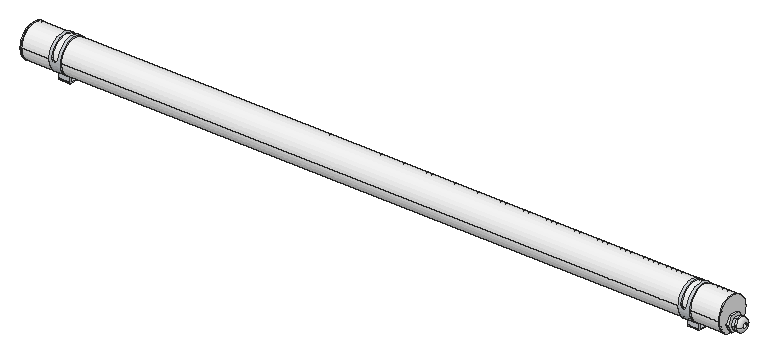
Revit family "0047181", category Lighting Fixtures, host Face, Revit 2017
Family settings
  Host = Face
  Round Connector Dimension = Use Diameter
  Part Type = Normal
  OmniClass Number = 23.80.70.00
  OmniClass Title = Lighting
  Cut with Voids When Loaded = No
  Light Source = Yes
  Shared = No
  Room Calculation Point = No
Parameters (values of type "0047181 ST WTRPRF TUBULAR 1500 IP66 7400 840 PC")
  WireLength_SYL [instance] = CeilingToCenter_SYL - 46 mm  # 3 mm
  Weight = "6.2 kg"
  Wattage Comments = "n/a"
  Wattage = 50 W
  WarrantyStartDate [instance] = "n/a"
  WarrantyGuarantorParts = "n/a"
  WarrantyDurationUnit = "n/a"
  WarrantyDurationParts = "n/a"
  WarrantyDescription = "n/a"
  built-in parameter 1150110 = 1 (stored number, unit not read)
  Voltage = 230 V
  URL = "http://www.sylvania-lighting.com"
  TypeName = "START Waterproof Tubular 1500 IP66 7400lm 840 PC"
  Type Image = <None>
  Type Comments = "n/a"
  TubeDiameterOutside_SYL = 70 mm
  TubeDiameterInside_SYL = 66 mm
  built-in parameter 1114217 = 1 (stored number, unit not read)
  Tilt Angle = -90.00°
  built-in parameter 1150109 = 1 (stored number, unit not read)
  built-in parameter 1150134 = 12
  SuspensionHeight_SYL [instance] = 0 mm
  built-in parameter 1150113 = 1 (stored number, unit not read)
  SerialNumber [instance] = "n/a"
  ReflectorMaterial = Reflector-Sylvania-SylproofTubular-Illumination
  PowerFactor = 0.95
  PowerConsumption = "50 W"
  Photometric Web File = "0047181.ies"
  NominalLength = 1495 mm
  NominalHeight = 70 mm
  NominalDepth = 70 mm
  Name = "START Waterproof Tubular 1500 IP66 7400lm 840 PC"
  CeilingToCenter_SYL [instance] = SuspensionHeight_SYL + 49 mm  # 49 mm
  ModelReference = Name  # "START Waterproof Tubular 1500 IP66 7400lm 840 PC"
  ModelNumber = "0047181"
  Model = Name  # "START Waterproof Tubular 1500 IP66 7400lm 840 PC"
  Material = "n/a"
  ManufacturerName = "Feilo Sylvania"
  Manufacturer = "Feilo Sylvania"
  LuminousEfficacy = "148 lm/W"
  built-in parameter 1150105 = 588.87 (stored number, unit not read)
  Lumens = 7400 lm
  LuminaireType = ""
  built-in parameter 1150115 = 1 (stored number, unit not read)
  LightOutputRatio = "n/a"
  TubeLength_SYL = 1500 mm
  built-in parameter 1150137 = (empty or 0)
  built-in parameter 1150139 = (empty or 0)
  LampsType = Lamp  # "LED"
  LampNominalLuminous = "7400 lm"
  LampMacAdamStep = "n/a"
  LampColourTemperature = "4000 K"
  LampColourRenderingIndex = "80"
  built-in parameter 1150112 = 1 (stored number, unit not read)
  built-in parameter 1150114 = 1 (stored number, unit not read)
  Lamp = "LED"
  Keynote = "16500"
  InstallationDate [instance] = "n/a"
  InputVoltage = "220-240 V AC"
  InputNominalFrequency = "50/60 Hz"
  built-in parameter 1150132 = (empty or 0)
  built-in parameter 1150102 = (empty or 0)
  built-in parameter 1150107 = 4000 (stored number, unit not read)
  built-in parameter 1150138 = (empty or 0)
  IngressProtection = "IP66"
  ImpactProtectionIndex = "IK10"
  built-in parameter 1150106 = 5.8887 (stored number, unit not read)
  IfcExportType = "IfcLightFixtureType"
  IfcExportAs = "IfcLightFixtureType"
  ExpectedLife = 50000
  Emit from Rectangle Width = 90 mm  # constant formula
  Emit from Rectangle Length = TubeLength_SYL - 20 mm  # 1480 mm
  Emit Shape Visible in Rendering = no
  ElectricShockClassification = "Class I"
  built-in parameter 1150104 = 13.75 (stored number, unit not read)
  DurationUnit = "hours"
  DocumentationLiterature = "http://www.sylvania-lighting.com/product/en-int/products/0047181"
  DimmingControlOptions = "Non-dimmable"
  Dimming Lamp Color Temperature Shift = <None>
  DiffuserMaterial = Diffuser-Sylvania-SylproofTubular-Opal
  Description = ""
  Default Elevation = 1219.2 mm
  CreatedOn = "12/19/2019"
  CreatedBy = "@sylvania-lighting.com"
  Cost = 0
  Color Filter = 16777215
  built-in parameter 1114216 [instance] = (empty or 0)
  ClassificationValue = "EF_70_80"
  ClassificationName = "Uniclass2015"
  BracketWidth_SYL = 25 mm
  BracketDistance_SYL = TubeLength_SYL - 150 mm  # 1350 mm
  BodyMaterial = Body-Sylvania-SylproofTubular-Aluminium
  BarCode [instance] = "n/a"
  built-in parameter 1114218 = 1 (stored number, unit not read)
  built-in parameter 1150133 = 10 (stored number, unit not read)
  AssetType = "Fixed"
  AssetIdentifier [instance] = "n/a"
  Assembly Code = "D5020200"
  Apparent Load = 50 VA
  AccessoryMaterial = none
Reference planes
  plane 1 "Center (Front/Back)": y = 0
  plane 2: z = 0
  plane 3 "Center (Left/Right)": x = 0
  plane 4: x = 675
  plane 5: x = -675
  plane 6: x = 750
  plane 7: x = -750
  plane 8: x = 777
  plane 9: x = -748
  plane 10: x = 748
  plane 11: z = 49
  plane 12: z = 39
  plane 13: y = 14
  plane 14: y = -14
  plane 15: y = -32
  plane 16: y = 32
  plane 17: x = 736
  plane 18: x = -736
  plane 19: x = 753.8
  plane 20: x = -753.8
  plane 21: y = 6.4
  plane 22: y = -6.4
  plane 23: y = 2
  plane 24: x = 757.1
  plane 25: x = -757.1
  plane 26: z = 35.5
  plane 27: z = 51.5
  plane 28: z = 19.5
  plane 29: x = 766.1
  plane 30: x = 769.6
  plane 31: z = 110.25
  plane 32: z = -3
  plane 33: z = 0
Forms (mm)
  Extrusion 1, solid, material "Diffuser-Sylvania-SylproofTubular-Opal" <- "DiffuserMaterial"
    sketch origin (0, 0, 0) x (0, 1, 0) y (0, 0, 1)
      loop
        circle (0, 49) r 35
      loop
        circle (0, 49) r 33
    from -748 to 748
  Extrusion 2, solid, material "Reflector-Sylvania-SylproofTubular-Illumination" <- "ReflectorMaterial", detail levels medium+fine
    sketch origin (0, 0, 0) x (0, 1, 0) y (0, 0, 1)
      loop
        line (14, 39) -> (32, 49) -> (31.514, 49.874) -> (13.741, 40) -> (-13.741, 40) -> (-31.514, 49.874) -> (-32, 49) -> (-14, 39) -> (14, 39)
    from -736 to 736
  Extrusion 3, solid, material "Body-Sylvania-SylproofTubular-Aluminium" <- "BodyMaterial"
    sketch origin (748, 1524, 1219.2) x (0, 1, 0) y (0, 0, 1)
      loop
        circle (-1524, -1170.2) r 35
    from 0 to 2
  Extrusion 4, solid, material "Body-Sylvania-SylproofTubular-Aluminium" <- "BodyMaterial"
    sketch origin (-748, 1524, 1219.2) x (0, 1, 0) y (0, 0, 1)
      loop
        circle (-1524, -1170.2) r 35
    from -2 to 0
  Revolve 5, solid, material "Body-Sylvania-SylproofTubular-Aluminium" <- "BodyMaterial", detail levels fine
    sketch origin (0, 1219.2, 49) x (1, 0, 0) y (0, 1, 0)
      loop
        line (-757.1, -1219.2) -> (-750, -1219.2) -> (-750, -1212.8) -> (-753.8, -1212.8)
        arc (-753.8, -1212.8) -> (-756.183, -1214.45) -> (-757.1, -1217.2) r 4.583
        line (-757.1, -1217.2) -> (-757.1, -1219.2)
      axis (-750, -1219.2) -> (-757.1, -1219.2)
    angle from 360 to 0
  Extrusion 6, solid, material "Body-Sylvania-SylproofTubular-Aluminium" <- "BodyMaterial", detail levels medium+fine
    sketch origin (750, 1524, 1219.2) x (0, 1, 0) y (0, 0, 1)
      loop
        line (-1533.174, -1167.7) -> (-1542.475, -1183.589) -> (-1533.302, -1199.7) -> (-1514.826, -1199.7) -> (-1505.525, -1183.811) -> (-1514.698, -1167.7) -> (-1533.174, -1167.7)
    from 0 to 7.1
  Extrusion 7, solid, detail levels medium+fine
    sketch origin (757.1, 1524, 1219.2) x (0, 1, 0) y (0, 0, 1)
      loop
        line (-1530.892, -1171.762) -> (-1537.785, -1183.7) -> (-1530.892, -1195.638) -> (-1517.108, -1195.638) -> (-1510.215, -1183.7) -> (-1517.108, -1171.762) -> (-1530.892, -1171.762)
    from 0 to 9
  Revolve 8, solid, material "Body-Sylvania-SylproofTubular-Aluminium" <- "BodyMaterial", detail levels medium+fine
    sketch origin (0, 1219.2, 35.5) x (1, 0, 0) y (0, 1, 0)
      loop
        line (766.1, -1205.415) -> (766.1, -1212.8) -> (777, -1212.8)
        arc (777, -1212.8) -> (774.837, -1207.578) -> (769.615, -1205.415) r 7.385
        line (769.615, -1205.415) -> (766.1, -1205.415)
      axis (777, -1219.2) -> (766.1, -1219.2)
    angle from 360 to 0
  Extrusion 9, solid
    sketch origin (0, 1219.2, -3) x (1, 0, 0) y (0, -1, 0)
      loop
        circle (-675, 1219.2) r 1.5
      loop
        circle (675, 1219.093) r 1.5
    from 0 to -3
Dimensions and locks
  equal spacing: plane 5, plane 3 "Center (Left/Right)", plane 4
  "BracketDistance_SYL": plane 5 to plane 4
  equal spacing: plane 7, plane 3 "Center (Left/Right)", plane 6  (x2)
  "TubeLength_SYL": plane 7 to plane 6
  locked: plane 6 to plane 8 at 27
  equal spacing: plane 9, plane 3 "Center (Left/Right)", plane 10
  locked: plane 7 to plane 9 at 2
  "CeilingToCenter_SYL": plane 11 to plane 2
  locked: plane 12 to plane 11 at 10
  equal spacing: plane 14, plane 1 "Center (Front/Back)", plane 13
  locked: plane 14 to plane 1 "Center (Front/Back)" at 14
  equal spacing: plane 15, plane 1 "Center (Front/Back)", plane 16
  locked: plane 15 to plane 1 "Center (Front/Back)" at 32
  locked: plane 12 to Extrusion 2 sketch curve at 1
  locked: Extrusion 2 sketch curve to Extrusion 2 sketch curve at 1  (x2)
  equal spacing: plane 18, plane 3 "Center (Left/Right)", plane 17
  locked: plane 9 to plane 18 at 12
  equal spacing: plane 20, plane 3 "Center (Left/Right)", plane 19
  locked: plane 20 to plane 7 at 3.8
  equal spacing: plane 22, plane 1 "Center (Front/Back)", plane 21
  locked: plane 22 to plane 21 at 12.8
  locked: plane 1 "Center (Front/Back)" to plane 23 at 2
  equal spacing: plane 25, plane 3 "Center (Left/Right)", plane 24
  locked: plane 25 to plane 7 at 7.1
  locked: plane 26 to plane 11 at 13.5
  equal spacing: plane 28, plane 26, plane 27, locked at 16 each
  locked: plane 26 to plane 27 at 16
  locked: Extrusion 6 sketch curve to Extrusion 6 sketch curve at 32.001  (x2)
  locked: plane 24 to plane 29 at 9
  locked: plane 26 to Extrusion 7 sketch curve at 11.938
  locked: Extrusion 7 sketch curve to plane 26 at 11.938
  locked: Extrusion 7 sketch curve to Extrusion 7 sketch curve at 23.876  (x2)
  locked: Extrusion 7 sketch curve to plane 1 "Center (Front/Back)" at 13.785
  locked: plane 1 "Center (Front/Back)" to Extrusion 7 sketch curve at 13.785
  locked: plane 29 to plane 30 at 3.5
  locked: plane 11 to imposter light at 35
  locked: plane 2 to plane 32 at 3
  "WireLength_SYL": plane 33 to plane 32
  "TubeDiameterOutside_SYL": diameter of Extrusion 1 sketch curve
  "TubeDiameterInside_SYL": diameter of Extrusion 1 sketch curve
  aligned and locked: plane 2 to host face
  aligned and locked: level to host face
  aligned and locked: plane 10 to Extrusion 1
  aligned and locked: Extrusion 1 to plane 9
  aligned and locked: plane 13 to Extrusion 2 sketch curve
  aligned and locked: Extrusion 2 sketch curve to plane 12
  aligned and locked: plane 11 to Extrusion 2 sketch curve
  aligned and locked: plane 15 to Extrusion 2 sketch curve
  aligned and locked: plane 17 to Extrusion 2
  aligned and locked: Extrusion 2 to plane 18
  aligned and locked: plane 11 to Extrusion 1 sketch curve  (x2)
  aligned and locked: plane 1 "Center (Front/Back)" to Extrusion 1 sketch curve  (x2)
  aligned and locked: Extrusion 3 sketch curve to Extrusion 1  (x2)
  aligned and locked: plane 6 to Extrusion 3
  aligned and locked: Extrusion 3 to plane 10
  aligned and locked: Extrusion 4 sketch curve to Extrusion 3  (x2)
  aligned and locked: Extrusion 4 to plane 7
  aligned and locked: plane 9 to Extrusion 4
  aligned and locked: Revolve 5 sketch curve to Extrusion 4
  aligned and locked: plane 1 "Center (Front/Back)" to Revolve 5 sketch curve
  aligned and locked: plane 20 to Revolve 5 sketch curve
  aligned and locked: Revolve 5 sketch curve to plane 21
  aligned and locked: Revolve 5 sketch curve to plane 1 "Center (Front/Back)"
  aligned and locked: plane 25 to Revolve 5 sketch curve
  aligned and locked: Extrusion 6 sketch curve to plane 27
  aligned and locked: plane 28 to Extrusion 6 sketch curve
  aligned and locked: plane 24 to Extrusion 6
  aligned and locked: Extrusion 6 to plane 6
  aligned and locked: plane 29 to Extrusion 7
  aligned and locked: Extrusion 7 to plane 24
  aligned and locked: Revolve 8 sketch curve to plane 1 "Center (Front/Back)"
  aligned and locked: Extrusion 7 to Revolve 8 sketch curve
  aligned and locked: Revolve 8 sketch curve to Extrusion 7
  aligned and locked: plane 8 to Revolve 8 sketch curve
  aligned and locked: plane 21 to Revolve 8 sketch curve
  aligned and locked: plane 1 "Center (Front/Back)" to nested 2
  aligned and locked: plane 1 "Center (Front/Back)" to nested 1
  aligned and locked: plane 4 to nested 1
  aligned and locked: plane 5 to nested 2
  aligned and locked: Extrusion 9 to plane 33
  aligned and locked: plane 32 to Extrusion 9
  aligned and locked: plane 3 "Center (Left/Right)" to imposter light
  aligned and locked: imposter light to plane 1 "Center (Front/Back)"
Automatic sketch dimensions
  host sketch curve to host sketch curve = 1800 mm
  host sketch curve to host sketch curve = 200 mm
  plane 1 "Center (Front/Back)" to Extrusion 9 sketch curve = 0 mm
  Extrusion 9 sketch curve to plane 5 = 0 mm
  Extrusion 9 sketch curve to plane 4 = 0 mm
  Extrusion 9 sketch curve to plane 1 "Center (Front/Back)" = 0.107 mm
  Extrusion 2 sketch curve to plane 14 = 0 mm
  Extrusion 2 sketch curve to plane 16 = 0 mm
  plane 11 to Extrusion 2 sketch curve = 0 mm
  plane 23 to Revolve 5 sketch curve = 0 mm
  Revolve 5 sketch curve to Revolve 5 sketch curve = 1195.9 mm
  plane 8 to Revolve 5 sketch curve = 1176 mm
  Extrusion 6 sketch curve to plane 26 = 0.111 mm
  plane 14 to Extrusion 6 sketch curve = 4.475 mm
  plane 22 to Extrusion 6 sketch curve = 2.902 mm
  plane 22 to Extrusion 6 sketch curve = 2.774 mm
  plane 26 to Extrusion 7 sketch curve = 0 mm  (x2)
  Revolve 8 sketch curve to plane 25 = 1195.9 mm
  plane 8 to Revolve 8 sketch curve = 1176 mm
  radius of Extrusion 9 sketch curve = 1.5 mm  (x2)
Nested families
  nested 1: "STARTWaterproofTubularMountingRing" at (675, 0, 0), type "STARTWaterproofTubularMountingRing"
  nested 2: "STARTWaterproofTubularMountingRing" at (-675, 0, 0), type "STARTWaterproofTubularMountingRing"
Connectors
  electrical at (766.1, 0, 35.5), driven by "Voltage", driven by "Apparent Load", driven by "PowerFactor"
    settings: on Extrusion 7, index 1, voltage 230 V, apparent load 50 VA, apparent load phase1 0 VA, apparent load phase2 0 VA, apparent load phase3 0 VA, power factor 0.95, load classification "Other", number of poles 1, system type 30, power factor state 1, is connector primary yes, connector utility no, sub classification motor no, connector description ""
Definition of nested family "STARTWaterproofTubularMountingRing"
  Parameters (values of type "STARTWaterproofTubularMountingRing")
    URL = "http://www.feilosylvania.com"
    Type Image = (empty or 0)
    Type Comments = "n/a"
    TubeRadius_FEILO = 35 mm
    TubeDiameter_FEILO = TubeRadius_FEILO * 2  # 70 mm
    Model = ""
    Manufacturer = "Feilo Sylvania"
    Length_FEILO = 1000 mm
    Keynote = ""
    Height_FEILO = 3 mm
    Description = ""
    Default Elevation = 1219.2 mm
    CutOutWidth_FEILO = BracketWidth_FEILO / 2  # 12.5 mm
    CutOutRadius_FEILO = CutOutWidth_FEILO / 2  # 6.25 mm
    Cost = 0
    ClassificationValue = ""
    ClassificationName = ""
    BracketWidth_FEILO = 25 mm
    BracketThickness_FEILO = 1 mm
    BracketOuterCircleRadis_FEILO = TubeRadius_FEILO + BracketThickness_FEILO  # 36 mm
    BodyMaterial = none
    Assembly Code = ""
  Reference planes
    plane 1 "Center (Front/Back)": y = 0
    plane 2: z = 0
    plane 3 "Center (Left/Right)": x = 0
    plane 4: x = 12.5
    plane 5: x = -12.5
    plane 6: y = 35
    plane 7: y = -35
    plane 8: z = 115
    plane 9: z = 114
    plane 10: y = -36
    plane 11: y = 36
    plane 12: z = 14
    plane 13: z = 49
    plane 14: y = 10
    plane 15: y = -10
    plane 16: y = 11
    plane 17: z = 1
    plane 18: y = -11
    plane 19: x = 6.25
    plane 20: x = -6.25
    plane 21: z = 55.25
    plane 22: y = 54
    plane 23: y = -54
    plane 24: z = 90
  Forms (mm)
    Extrusion 1, solid
      sketch origin (4.2, 0, 0) x (1, 0, 0) y (0, 1, 0)
        loop
          line (-1219.2, 1219.2) -> (-1219.2, -1219.2) -> (1219.2, -1219.2) -> (1219.2, 1219.2) -> (-1219.2, 1219.2)
      from 0 to -68.017
    Extrusion 2, void
      sketch origin (0, 0, 0) x (1, 0, 0) y (0, 0, 1)
        loop
          line (-6.25, 90) -> (-6.25, 55.25)
          arc (-6.25, 55.25) -> (0, 49) -> (6.25, 55.25) r 6.25
          line (6.25, 55.25) -> (6.25, 90) -> (-6.25, 90)
      from -54 to 54
    Extrusion 3, solid
      sketch origin (0, 0, 0) x (0, 1, 0) y (0, 0, 1)
        loop
          arc (-11, 2) -> (-10.414, 0.586) -> (-9, 0) r 2
          line (-9, 0) -> (9, 0)
          arc (9, 0) -> (10.414, 0.586) -> (11, 2) r 2
          line (11, 2) -> (11, 14.722)
          arc (11, 14.722) -> (0, 85) -> (-11, 14.722) r 36
          line (-11, 14.722) -> (-11, 2)
        loop
          arc (-10, 2) -> (-9.707, 1.293) -> (-9, 1) r 1
          line (-9, 1) -> (9, 1)
          arc (9, 1) -> (9.707, 1.293) -> (10, 2) r 1
          line (10, 2) -> (10, 15.459)
          arc (10, 15.459) -> (0, 84) -> (-10, 15.459) r 35
          line (-10, 15.459) -> (-10, 2)
      from -12.5 to 12.5
  Cuts and joins
    Extrusion 2 cuts Extrusion 3
  Lines and regions (mm)
    reference lines
      curve 1: circle (0, 0, 49) r 35 normal (1, 0, 0)
      curve 2: circle (0, 0, 49) r 36 normal (-1, 0, 0)
  Dimensions and locks
    equal spacing: plane 5, plane 3 "Center (Left/Right)", plane 4
    "BracketWidth_FEILO": plane 5 to plane 4
    equal spacing: plane 7, plane 1 "Center (Front/Back)", plane 6
    "TubeRadius_FEILO": plane 7 to plane 1 "Center (Front/Back)"
    "BracketThickness_FEILO": plane 9 to plane 8
    equal spacing: plane 10, plane 1 "Center (Front/Back)", plane 11
    "BracketThickness_FEILO": plane 10 to plane 7
    equal spacing: plane 15, plane 1 "Center (Front/Back)", plane 14
    locked: plane 15 to plane 1 "Center (Front/Back)" at 10
    "BracketThickness_FEILO": plane 17 to plane 2
    "BracketThickness_FEILO": plane 18 to plane 15
    equal spacing: plane 18, plane 1 "Center (Front/Back)", plane 16
    equal spacing: plane 19, plane 3 "Center (Left/Right)", plane 20
    "CutOutWidth_FEILO": plane 19 to plane 20
    "CutOutRadius_FEILO": plane 21 to plane 13
    plane 23 to plane 1 "Center (Front/Back)" to plane 22 = 54 mm locked, 54 mm locked
    locked: plane 24 to level at 90
    "TubeRadius_FEILO": plane 12 to plane 13
    "TubeRadius_FEILO": radius of curve 1
    "BracketOuterCircleRadis_FEILO": radius of curve 2
    aligned and locked: plane 2 to Extrusion 1
    aligned and locked: level to Extrusion 1
    aligned and locked: plane 1 "Center (Front/Back)" to curve 1
    aligned and locked: plane 13 to curve 1
    aligned and locked: plane 1 "Center (Front/Back)" to curve 2
    aligned and locked: plane 13 to curve 2
    aligned and locked: plane 20 to Extrusion 2 sketch curve
    aligned and locked: Extrusion 2 sketch curve to plane 19
    aligned and locked: plane 3 "Center (Left/Right)" to Extrusion 2 sketch curve
    aligned and locked: plane 21 to Extrusion 2 sketch curve  (x3)
    aligned and locked: plane 23 to Extrusion 2
    aligned and locked: Extrusion 2 to plane 22
    aligned and locked: plane 24 to Extrusion 2 sketch curve
    aligned and locked: plane 4 to Extrusion 3
    aligned and locked: Extrusion 3 to plane 5
  Automatic sketch dimensions
    Extrusion 1 sketch curve to Extrusion 1 sketch curve = 2438.4 mm  (x2)
    Extrusion 3 sketch curve to Extrusion 3 sketch curve = 0 mm  (x4)
    Extrusion 3 sketch curve to plane 18 = 0 mm
    Extrusion 3 sketch curve to plane 15 = 0 mm
    plane 17 to Extrusion 3 sketch curve = 0 mm
    Extrusion 3 sketch curve to plane 1 "Center (Front/Back)" = 0 mm
    Extrusion 3 sketch curve to plane 14 = 0 mm
    Extrusion 3 sketch curve to plane 16 = 0 mm
    plane 13 to Extrusion 3 sketch curve = 0 mm
    Extrusion 3 sketch curve to plane 15 = 1 mm
    plane 14 to Extrusion 3 sketch curve = 1 mm  (x2)
    Extrusion 3 sketch curve to plane 12 = 0.722 mm
    Extrusion 3 sketch curve to Extrusion 3 sketch curve = 0.737 mm
  Connectors
    electrical at (0, 0, 0)
      settings: index 1, voltage 24 V, apparent load 72 VA, apparent load phase1 0 VA, apparent load phase2 0 VA, apparent load phase3 0 VA, power factor 0, load classification none, number of poles 1, system type 30, power factor state 1, is connector primary yes, connector utility no, sub classification motor no, connector description ""
